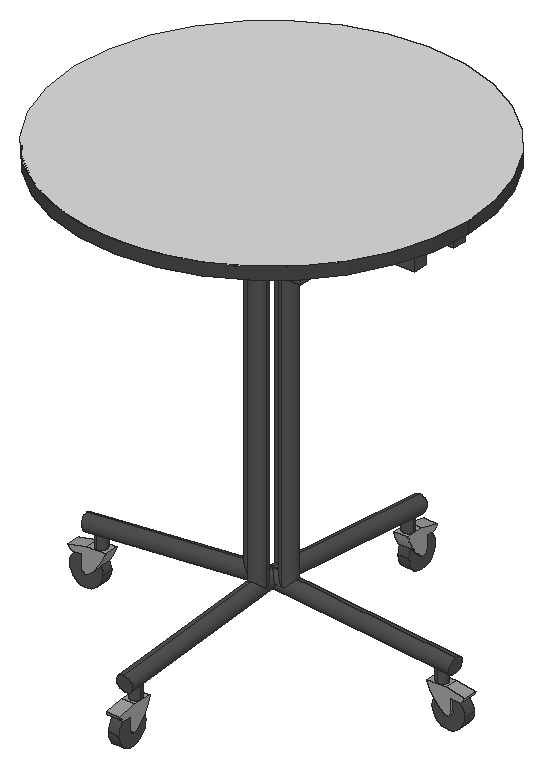
Revit family "Phlip20 36 Dia", category Furniture, Revit 2017
Family settings
  Work Plane-Based = No
  Always vertical = Yes
  Cut with Voids When Loaded = No
  Shared = No
  Room Calculation Point = No
Parameters (values of type "Phlip20 36" X-Base EdgeGuard")
  Top [instance] = Palmer Hamilton Lt Gry
  Stored [instance] = not(Open)  # no
  Open [instance] = yes
  Model = "PHLIP20-4236RD"
  Manufacturer = "Palmer Hamilton"
  Height = 3' - 6"
  Frame [instance] = Palmer Hamilton Black
  Edge Type = Phlip 36 top : Phlip 36 top
  Edge [instance] = Palmer Hamilton - Edge
Types (3): name | Edge Type
  (no name) | Phlip 36 top : Phlip 36 top
  Phlip20 36" X-Base EdgeGuard | Phlip 36 top : Phlip 36 top
  Phlip20 36" X-Base SmartEdge | Phlip 36 top SmartEdge : Phlip 36 top SmartEdge
Reference planes (in)
  plane 1 "Center (Front/Back)": y = 0
  plane 2: z = 0
  plane 3 "Center (Left/Right)": x = 0
  plane 4: z = 42
Forms (in)
  Extrusion 1, solid, material "Palmer Hamilton - Steel"
    sketch origin (0, 0, 0) x (0, 1, 0) y (0, 0, 1)
      loop
        line (-16.42728, 3.45416) -> (-18.13168, 3.09187)
        arc (-18.13168, 3.09187) -> (-17.9132, 2.75011) -> (-17.51731, 2.66169) r 0.532
        line (-17.51731, 2.66169) -> (-16.91553, 2.66169) -> (-16.91553, 1.60335)
        arc (-16.91553, 1.60335) -> (-16.69666, 1.22703) -> (-16.26228, 1.25605) r 0.41284
        arc (-16.26228, 1.25605) -> (-15.30527, 2.22385) -> (-14.72315, 3.45416) r 4.04775
        line (-14.72315, 3.45416) -> (-16.42728, 3.45416)
    from 0.625 to -0.625
  Extrusion 2, solid, material "Palmer Hamilton Black"
    sketch origin (0, 0, 0) x (0, 1, 0) y (0, 0, 1)
      loop
        circle (-16.57816, 1.48894) r 1.5
    from -0.5 to 0.5
  Extrusion 3, solid, material "Palmer Hamilton Black" <- "Frame"
    sketch origin (11.25, -0.87071, 0) x (1, 0, 0) y (0, 1, 0)
      loop
        circle (-11.25, -14.72315) r 0.5
    from 3.35065 to 4.95416
  Extrusion 4, solid, material "Palmer Hamilton - Steel"
    sketch origin (0, 0, 0) x (0, -1, 0) y (0, 0, -1)
      loop
        line (-16.42728, -3.45416) -> (-14.72315, -3.45416)
        arc (-14.72315, -3.45416) -> (-15.30527, -2.22385) -> (-16.26228, -1.25605) r 4.04775
        arc (-16.26228, -1.25605) -> (-16.69666, -1.22703) -> (-16.91553, -1.60335) r 0.41284
        line (-16.91553, -1.60335) -> (-16.91553, -2.66169) -> (-17.51731, -2.66169)
        arc (-17.51731, -2.66169) -> (-17.9132, -2.75011) -> (-18.13168, -3.09187) r 0.532
        line (-18.13168, -3.09187) -> (-16.42728, -3.45416)
    from 0.625 to -0.625
  Extrusion 5, solid, material "Palmer Hamilton Black"
    sketch origin (0, 0, 0) x (0, -1, 0) y (0, 0, -1)
      loop
        circle (-16.57816, -1.48894) r 1.5
    from 0.5 to -0.5
  Extrusion 6, solid, material "Palmer Hamilton Black" <- "Frame"
    sketch origin (11.25, 0.87071, 0) x (1, 0, 0) y (0, 1, 0)
      loop
        circle (-11.25, 14.72315) r 0.5
    from 3.35065 to 4.95416
  Sweep 7, solid, material "Palmer Hamilton Black" <- "Frame"
    path origin (11.25, 0, 0) x (0, 1, 0) y (0, 0, 1)
      loop
        arc (-16.80445, 5.0601) -> (0, 6.53546) -> (16.80445, 5.0601) r 96.43925
    profile origin (11.25, 0, 6.53546) x (0, 0, 1) y (1, 0, 0)
      loop
        circle (0, -11.25) r 0.75
  Extrusion 8, solid, material "Palmer Hamilton Black" <- "Frame"
    sketch origin (11.25, 0, 0) x (1, 0, 0) y (0, 1, 0)
      loop
        circle (-11.25, 1.57) r 0.75
      loop
        circle (-11.25, -1.555) r 0.75
    from 6.53034 to 38.68518
  Extrusion 9, solid, material "Palmer Hamilton - Steel"
    sketch origin (0, 0, 0) x (-1, 0, 0) y (0, 0, 1)
      loop
        line (-16.42728, 3.45416) -> (-18.13168, 3.09187)
        arc (-18.13168, 3.09187) -> (-17.9132, 2.75011) -> (-17.51731, 2.66169) r 0.532
        line (-17.51731, 2.66169) -> (-16.91553, 2.66169) -> (-16.91553, 1.60335)
        arc (-16.91553, 1.60335) -> (-16.69666, 1.22703) -> (-16.26228, 1.25605) r 0.41284
        arc (-16.26228, 1.25605) -> (-15.30527, 2.22385) -> (-14.72315, 3.45416) r 4.04775
        line (-14.72315, 3.45416) -> (-16.42728, 3.45416)
    from 0.625 to -0.625
  Extrusion 10, solid, material "Palmer Hamilton Black"
    sketch origin (0, 0, 0) x (-1, 0, 0) y (0, 0, 1)
      loop
        circle (-16.57816, 1.48894) r 1.5
    from -0.5 to 0.5
  Extrusion 11, solid, material "Palmer Hamilton Black" <- "Frame"
    sketch origin (0.87071, 11.25, 0) x (0, 1, 0) y (-1, 0, 0)
      loop
        circle (-11.25, -14.72315) r 0.5
    from 3.35065 to 4.95416
  Extrusion 12, solid, material "Palmer Hamilton - Steel"
    sketch origin (0, 0, 0) x (1, 0, 0) y (0, 0, -1)
      loop
        line (-16.42728, -3.45416) -> (-14.72315, -3.45416)
        arc (-14.72315, -3.45416) -> (-15.30527, -2.22385) -> (-16.26228, -1.25605) r 4.04775
        arc (-16.26228, -1.25605) -> (-16.69666, -1.22703) -> (-16.91553, -1.60335) r 0.41284
        line (-16.91553, -1.60335) -> (-16.91553, -2.66169) -> (-17.51731, -2.66169)
        arc (-17.51731, -2.66169) -> (-17.9132, -2.75011) -> (-18.13168, -3.09187) r 0.532
        line (-18.13168, -3.09187) -> (-16.42728, -3.45416)
    from 0.625 to -0.625
  Extrusion 13, solid, material "Palmer Hamilton Black"
    sketch origin (0, 0, 0) x (1, 0, 0) y (0, 0, -1)
      loop
        circle (-16.57816, -1.48894) r 1.5
    from 0.5 to -0.5
  Extrusion 14, solid, material "Palmer Hamilton Black" <- "Frame"
    sketch origin (-0.87071, 11.25, 0) x (0, 1, 0) y (-1, 0, 0)
      loop
        circle (-11.25, 14.72315) r 0.5
    from 3.35065 to 4.95416
  Sweep 15, solid, material "Palmer Hamilton Black" <- "Frame"
    path origin (0, 11.25, 0) x (-1, 0, 0) y (0, 0, 1)
      loop
        arc (-16.80445, 5.0601) -> (0, 6.53546) -> (16.80445, 5.0601) r 96.43925
    profile origin (0, 11.25, 6.53546) x (0, 0, 1) y (0, 1, 0)
      loop
        circle (0, -11.25) r 0.75
  Extrusion 16, solid, material "Palmer Hamilton Black" <- "Frame"
    sketch origin (0, 11.25, 0) x (0, 1, 0) y (-1, 0, 0)
      loop
        circle (-11.25, 1.57) r 0.75
      loop
        circle (-11.25, -1.555) r 0.75
    from 6.53034 to 38.68518
Dimensions and locks (in)
  "Height": plane 4 to level
  locked: plane 4 to Extrusion 8 at 3.31482
  Extrusion 8 to level = 0' - 6.53034"
  aligned and locked: plane 2 to level
  aligned and locked: Extrusion 8 to Extrusion 16
Automatic sketch dimensions
  level to Extrusion 1 sketch curve = 0' - 4.54554"
  plane 1 "Center (Front/Back)" to Extrusion 1 sketch curve = 1' - 6.62099"
  level to Extrusion 1 sketch curve = 0' - 3.09187"
  Extrusion 1 sketch curve to Extrusion 1 sketch curve = 0' - 0.48931"
  Extrusion 1 sketch curve to Extrusion 1 sketch curve = 0' - 0.52362"
  Extrusion 1 sketch curve to Extrusion 1 sketch curve = 0' - 0.09074"
  Extrusion 1 sketch curve to Extrusion 1 sketch curve = 0' - 0.60179"
  Extrusion 1 sketch curve to Extrusion 1 sketch curve = 0' - 0.41267"
  level to Extrusion 1 sketch curve = 0' - 3.45416"
  Extrusion 1 sketch curve to Extrusion 1 sketch curve = 0' - 0.48825"
  Extrusion 1 sketch curve to Extrusion 1 sketch curve = 0' - 1.70412"
  Extrusion 1 sketch curve to Extrusion 1 sketch curve = 0' - 0.79246"
  Extrusion 1 sketch curve to Extrusion 1 sketch curve = 0' - 1.05834"
  Extrusion 1 sketch curve to Extrusion 1 sketch curve = 0' - 0.0118"
  level to Extrusion 2 sketch curve = 0' - 1.48894"
  plane 1 "Center (Front/Back)" to Extrusion 2 sketch curve = 1' - 4.57816"
  Extrusion 3 sketch curve to plane 3 "Center (Left/Right)" = 0' - 0"
  plane 1 "Center (Front/Back)" to Extrusion 3 sketch curve = 1' - 3.59386"
  Extrusion 4 sketch curve to level = 0' - 4.54554"
  plane 1 "Center (Front/Back)" to Extrusion 4 sketch curve = 1' - 6.62099"
  Extrusion 4 sketch curve to level = 0' - 3.09187"
  Extrusion 4 sketch curve to Extrusion 4 sketch curve = 0' - 0.48931"
  Extrusion 4 sketch curve to Extrusion 4 sketch curve = 0' - 0.52362"
  Extrusion 4 sketch curve to Extrusion 4 sketch curve = 0' - 0.09074"
  Extrusion 4 sketch curve to Extrusion 4 sketch curve = 0' - 0.60179"
  Extrusion 4 sketch curve to Extrusion 4 sketch curve = 0' - 0.41267"
  Extrusion 4 sketch curve to level = 0' - 3.45416"
  Extrusion 4 sketch curve to Extrusion 4 sketch curve = 0' - 0.48825"
  Extrusion 4 sketch curve to Extrusion 4 sketch curve = 0' - 1.70412"
  Extrusion 4 sketch curve to Extrusion 4 sketch curve = 0' - 0.79246"
  Extrusion 4 sketch curve to Extrusion 4 sketch curve = 0' - 1.05834"
  Extrusion 4 sketch curve to Extrusion 4 sketch curve = 0' - 0.0118"
  Extrusion 5 sketch curve to level = 0' - 1.48894"
  plane 1 "Center (Front/Back)" to Extrusion 5 sketch curve = 1' - 4.57816"
  plane 3 "Center (Left/Right)" to Extrusion 6 sketch curve = 0' - 0"
  plane 1 "Center (Front/Back)" to Extrusion 6 sketch curve = 1' - 3.59386"
  Sweep 7 sketch curve to plane 1 "Center (Front/Back)" = 0' - 0"
  Sweep 7 sketch curve to level = 7' - 5.90378"
  level to Sweep 7 sketch curve = 0' - 5.0601"  (x2)
  plane 1 "Center (Front/Back)" to Sweep 7 sketch curve = 1' - 4.80445"
  Sweep 7 sketch curve to profile plane = 0' - 0"
  Sweep 7 sketch curve to plane 3 "Center (Left/Right)" = 0' - 0"
  plane 1 "Center (Front/Back)" to Extrusion 8 sketch curve = 0' - 1.555"
  Extrusion 8 sketch curve to plane 3 "Center (Left/Right)" = 0' - 0"
  Extrusion 8 sketch curve to Extrusion 8 sketch curve = 0' - 0"
  Extrusion 8 sketch curve to plane 1 "Center (Front/Back)" = 0' - 1.57"
  level to Extrusion 9 sketch curve = 0' - 4.54554"
  plane 3 "Center (Left/Right)" to Extrusion 9 sketch curve = 1' - 6.62099"
  level to Extrusion 9 sketch curve = 0' - 3.09187"
  Extrusion 9 sketch curve to Extrusion 9 sketch curve = 0' - 0.48931"
  Extrusion 9 sketch curve to Extrusion 9 sketch curve = 0' - 0.52362"
  Extrusion 9 sketch curve to Extrusion 9 sketch curve = 0' - 0.09074"
  Extrusion 9 sketch curve to Extrusion 9 sketch curve = 0' - 0.60179"
  Extrusion 9 sketch curve to Extrusion 9 sketch curve = 0' - 0.41267"
  level to Extrusion 9 sketch curve = 0' - 3.45416"
  Extrusion 9 sketch curve to Extrusion 9 sketch curve = 0' - 0.48825"
  Extrusion 9 sketch curve to Extrusion 9 sketch curve = 0' - 1.70412"
  Extrusion 9 sketch curve to Extrusion 9 sketch curve = 0' - 0.79246"
  Extrusion 9 sketch curve to Extrusion 9 sketch curve = 0' - 1.05834"
  Extrusion 9 sketch curve to Extrusion 9 sketch curve = 0' - 0.0118"
  level to Extrusion 10 sketch curve = 0' - 1.48894"
  plane 3 "Center (Left/Right)" to Extrusion 10 sketch curve = 1' - 4.57816"
  plane 1 "Center (Front/Back)" to Extrusion 11 sketch curve = 0' - 0"
  plane 3 "Center (Left/Right)" to Extrusion 11 sketch curve = 1' - 3.59386"
  level to Extrusion 12 sketch curve = 0' - 4.54554"
  Extrusion 12 sketch curve to plane 3 "Center (Left/Right)" = 1' - 6.62099"
  level to Extrusion 12 sketch curve = 0' - 3.09187"
  Extrusion 12 sketch curve to Extrusion 12 sketch curve = 0' - 0.48931"
  Extrusion 12 sketch curve to Extrusion 12 sketch curve = 0' - 0.52362"
  Extrusion 12 sketch curve to Extrusion 12 sketch curve = 0' - 0.09074"
  Extrusion 12 sketch curve to Extrusion 12 sketch curve = 0' - 0.60179"
  Extrusion 12 sketch curve to Extrusion 12 sketch curve = 0' - 0.41267"
  level to Extrusion 12 sketch curve = 0' - 3.45416"
  Extrusion 12 sketch curve to Extrusion 12 sketch curve = 0' - 0.48825"
  Extrusion 12 sketch curve to Extrusion 12 sketch curve = 0' - 1.70412"
  Extrusion 12 sketch curve to Extrusion 12 sketch curve = 0' - 0.09402"
  Extrusion 12 sketch curve to Extrusion 12 sketch curve = 0' - 1.05834"
  Extrusion 12 sketch curve to Extrusion 12 sketch curve = 0' - 0.0118"
  level to Extrusion 13 sketch curve = 0' - 1.48894"
  Extrusion 13 sketch curve to plane 3 "Center (Left/Right)" = 1' - 4.57816"
  plane 1 "Center (Front/Back)" to Extrusion 14 sketch curve = 0' - 0"
  Extrusion 14 sketch curve to plane 3 "Center (Left/Right)" = 1' - 3.59386"
  Sweep 15 sketch curve to plane 3 "Center (Left/Right)" = 0' - 0"
  Sweep 15 sketch curve to level = 7' - 5.90378"
  level to Sweep 15 sketch curve = 0' - 5.0601"  (x2)
  plane 3 "Center (Left/Right)" to Sweep 15 sketch curve = 1' - 4.80445"
  profile plane to Sweep 15 sketch curve = 0' - 0"
  Sweep 15 sketch curve to profile plane = 0' - 11 1/4"
  plane 1 "Center (Front/Back)" to Extrusion 16 sketch curve = 0' - 0"  (x2)
  plane 3 "Center (Left/Right)" to Extrusion 16 sketch curve = 0' - 1.555"
  Extrusion 16 sketch curve to plane 3 "Center (Left/Right)" = 0' - 1.57"
  radius of Extrusion 2 sketch curve = 0' - 1 1/2"
  radius of Extrusion 3 sketch curve = 0' - 0 1/2"
  radius of Extrusion 5 sketch curve = 0' - 1 1/2"
  radius of Extrusion 6 sketch curve = 0' - 0 1/2"
  radius of Sweep 7 sketch curve = 0' - 0 3/4"
  radius of Extrusion 8 sketch curve = 0' - 0 3/4"  (x2)
  radius of Extrusion 10 sketch curve = 0' - 1 1/2"
  radius of Extrusion 11 sketch curve = 0' - 0 1/2"
  radius of Extrusion 13 sketch curve = 0' - 1 1/2"
  radius of Extrusion 14 sketch curve = 0' - 0 1/2"
  radius of Sweep 15 sketch curve = 0' - 0 3/4"
  radius of Extrusion 16 sketch curve = 0' - 0 3/4"  (x2)
Nested families (in)
  nested 1: "Phlip 36 top" at (0, 0, 0), type <- "Edge Type", Open <- "Open", Edge <- "Edge", Frame <- "Frame", Top <- "Top", type "Phlip 36 top"
    with Top Palmer Hamilton Lt Gry, Open yes, Mfg Diameter 2' - 10", Frame Palmer Hamilton Black, Edge Palmer Hamilton - Edge, Diameter 3' - 0", Closed no, Accessory Palmer Hamilton Black
Definition of nested family "Phlip 36 top"
  Parameters (values of type "Phlip 36 top")
    Top [instance] = none
    Open [instance] = yes
    Mfg Diameter [instance] = 2' - 10"
    Frame [instance] = none
    Edge [instance] = none
    Diameter [instance] = 3' - 0"
    Closed [instance] = not(Open)  # no
    Accessory [instance] = none
  Reference planes (in)
    plane 1 "Center (Front/Back)": y = 0
    plane 2: z = 0
    plane 3 "Center (Left/Right)": x = 0
    plane 4: z = 40.875
    plane 5: z = 42
  Forms (in)
    Extrusion 1, solid, visible <- "Open"
      sketch origin (0, 0, 0) x (1, 0, 0) y (0, 1, 0)
        loop
          circle (0, 0) r 18
      from 40.875 to 42
    Extrusion 2, solid, material <- "Frame", visible <- "Open"
      sketch origin (0, 0, 0) x (1, 0, 0) y (0, 1, 0)
        loop
          line (-11.88, 11.555) -> (-11.88, -11.555) -> (-10.63, -11.555) -> (-0.625, -14.70157) -> (0.62501, -14.70157) -> (10.63, -11.55469) -> (11.88, -11.55469) -> (11.88, 11.55469) -> (10.63, 11.55469) -> (0.62501, 14.70157) -> (-0.625, 14.70157) -> (-10.63, 11.555) -> (-11.88, 11.555)
        loop
          line (-10.63, 8.21942) -> (-10.63, -8.21942) -> (-0.625, -11.36599) -> (-0.625, 11.36599) -> (-10.63, 8.21942)
        loop
          line (0.625, 11.36631) -> (0.625, -11.36631) -> (10.63, -8.21942) -> (10.63, 8.21942) -> (0.625, 11.36631)
      from 39.625 to 40.875
    Extrusion 3, solid, material <- "Frame"
      sketch origin (0, 0, 0) x (1, 0, 0) y (0, 1, 0)
        loop
          line (15.375, 2.8125) -> (-15.375, 2.8125) -> (-15.375, 1.5625) -> (15.375, 1.5625) -> (15.375, 2.8125)
        loop
          line (15.375, -2.8125) -> (15.375, -1.5625) -> (-15.375, -1.5625) -> (-15.375, -2.8125) -> (15.375, -2.8125)
      from 38.125 to 39.625
    Extrusion 4, solid, material <- "Frame"
      sketch origin (0, 0, 0) x (1, 0, 0) y (0, 1, 0)
        loop
          line (-3.125, 2.8125) -> (-3.125, -2.8125) -> (3.125, -2.8125) -> (3.125, 2.8125) -> (-3.125, 2.8125)
      from 38 to 38.125
    Extrusion 5, solid, material <- "Frame"
      sketch origin (0, 0, 0) x (1, 0, 0) y (0, 1, 0)
        loop
          line (-15.375, 2.8125) -> (-15.375, -2.8125) -> (-14.125, -2.8125) -> (-14.125, 2.8125) -> (-15.375, 2.8125)
        loop
          line (15.375, 2.8125) -> (14.125, 2.8125) -> (14.125, -2.8125) -> (15.375, -2.8125) -> (15.375, 2.8125)
      from 39.625 to 40.875
    Extrusion 6, solid, material <- "Frame"
      sketch origin (0, 0, 12) x (0, 1, 0) y (0, 0, 1)
        loop
          line (2.8125, 27.625) -> (2.8125, 28.375)
          arc (2.8125, 28.375) -> (2.66605, 28.72855) -> (2.3125, 28.875) r 0.5
          line (2.3125, 28.875) -> (-3.4375, 28.875)
          arc (-3.4375, 28.875) -> (-3.87944, 28.69194) -> (-4.0625, 28.25) r 0.625
          arc (-4.0625, 28.25) -> (-3.87944, 27.80806) -> (-3.4375, 27.625) r 0.625
          line (-3.4375, 27.625) -> (2.8125, 27.625)
      from -12.1185 to -11.88
    Extrusion 7, solid, material <- "Frame"
      sketch origin (0, 0, 12) x (0, 1, 0) y (0, 0, 1)
        loop
          line (2.8125, 27.625) -> (2.8125, 28.375)
          arc (2.8125, 28.375) -> (2.66605, 28.72855) -> (2.3125, 28.875) r 0.5
          line (2.3125, 28.875) -> (-3.4375, 28.875)
          arc (-3.4375, 28.875) -> (-3.87944, 28.69194) -> (-4.0625, 28.25) r 0.625
          arc (-4.0625, 28.25) -> (-3.87944, 27.80806) -> (-3.4375, 27.625) r 0.625
          line (-3.4375, 27.625) -> (2.8125, 27.625)
      from -10.63 to -10.40436
    Extrusion 8, solid, material <- "Frame"
      sketch origin (0, 0, 12) x (0, 1, 0) y (0, 0, -1)
        loop
          line (2.8125, -27.625) -> (-3.4375, -27.625)
          arc (-3.4375, -27.625) -> (-3.87944, -27.80806) -> (-4.0625, -28.25) r 0.625
          arc (-4.0625, -28.25) -> (-3.87944, -28.69194) -> (-3.4375, -28.875) r 0.625
          line (-3.4375, -28.875) -> (2.3125, -28.875)
          arc (2.3125, -28.875) -> (2.66605, -28.72855) -> (2.8125, -28.375) r 0.5
          line (2.8125, -28.375) -> (2.8125, -27.625)
      from -12.1185 to -11.88
    Extrusion 9, solid, material <- "Frame"
      sketch origin (0, 0, 12) x (0, 1, 0) y (0, 0, -1)
        loop
          line (2.8125, -27.625) -> (-3.4375, -27.625)
          arc (-3.4375, -27.625) -> (-3.87944, -27.80806) -> (-4.0625, -28.25) r 0.625
          arc (-4.0625, -28.25) -> (-3.87944, -28.69194) -> (-3.4375, -28.875) r 0.625
          line (-3.4375, -28.875) -> (2.3125, -28.875)
          arc (2.3125, -28.875) -> (2.66605, -28.72855) -> (2.8125, -28.375) r 0.5
          line (2.8125, -28.375) -> (2.8125, -27.625)
      from -10.63 to -10.40436
    Extrusion 10, solid, material <- "Frame", visible <- "Open"
      sketch origin (0, 0, 12) x (1, 0, 0) y (0, 0, 1)
        loop
          circle (-11.255, 28.25) r 0.375
      from -12.60205 to -11.555
    Extrusion 11, solid, material <- "Frame", visible <- "Open"
      sketch origin (0, 0, 12) x (0, 1, 0) y (0, 0, 1)
        loop
          circle (12.60205, 28.25) r 0.375
      from -12.005 to -10.505
    Extrusion 12, solid, material <- "Frame", visible <- "Open"
      sketch origin (0, 0, 12) x (-1, 0, 0) y (0, 0, -1)
        loop
          circle (-11.255, -28.25) r 0.375
      from -12.60205 to -11.555
    Extrusion 13, solid, material <- "Frame", visible <- "Open"
      sketch origin (0, 0, 12) x (0, 1, 0) y (0, 0, -1)
        loop
          circle (12.60205, -28.25) r 0.375
      from -12.005 to -10.505
    Extrusion 14, solid, material <- "Frame", visible <- "Closed"
      sketch origin (0, 24.85791, 43.64672) x (0, -1, 0) y (1, 0, 0)
        loop
          circle (28.25, -11.255) r 0.375
      from 11.555 to 12.59845
    Extrusion 15, solid, material <- "Frame", visible <- "Closed"
      sketch origin (0, 24.85791, 43.64672) x (0, 0, 1) y (0, -1, 0)
        loop
          circle (12.60205, 28.25) r 0.375
      from -12.005 to -10.505
    Extrusion 16, solid, material <- "Frame", visible <- "Closed"
      sketch origin (0, 24.85791, 43.64672) x (0, 1, 0) y (-1, 0, 0)
        loop
          circle (-28.25, -11.255) r 0.375
      from 11.555 to 12.59845
    Extrusion 17, solid, material <- "Frame", visible <- "Closed"
      sketch origin (0, 24.85791, 43.64672) x (0, 0, 1) y (0, 1, 0)
        loop
          circle (12.60205, -28.25) r 0.375
      from -12.005 to -10.505
    Extrusion 18, solid, material <- "Frame", visible <- "Closed"
      sketch origin (0, 36.85791, 43.64672) x (1, 0, 0) y (0, 0, 1)
        loop
          line (-11.88, 11.555) -> (-11.88, -11.555) -> (-10.63, -11.555) -> (-0.625, -14.70157) -> (0.62501, -14.70157) -> (10.63, -11.55469) -> (11.88, -11.55469) -> (11.88, 11.55469) -> (10.63, 11.55469) -> (0.62501, 14.70157) -> (-0.625, 14.70157) -> (-10.63, 11.555) -> (-11.88, 11.555)
        loop
          line (-10.63, 8.21942) -> (-10.63, -8.21942) -> (-0.625, -11.36599) -> (-0.625, 11.36599) -> (-10.63, 8.21942)
        loop
          line (0.625, 11.36631) -> (0.625, -11.36631) -> (10.63, -8.21942) -> (10.63, 8.21942) -> (0.625, 11.36631)
      from 39.625 to 40.875
    Extrusion 19, solid, visible <- "Closed"
      sketch origin (0, 36.85954, 43.6274) x (1, 0, 0) y (0, 0.00048, 1)
        loop
          circle (0, 0) r 18
      from 40.875 to 42
  Cuts and joins
    joined: Extrusion 10, Extrusion 11
  Dimensions and locks (in)
    locked: plane 5 to plane 4 at 1.125
    plane 5 to level = 3' - 6"
    "Diameter": diameter of Extrusion 1 sketch curve
    "Diameter": diameter of Extrusion 19 sketch curve
    aligned and locked: plane 2 to level
    aligned and locked: plane 5 to Extrusion 1
    aligned and locked: Extrusion 1 to plane 4
  Automatic sketch dimensions
    Extrusion 2 sketch curve to plane 3 "Center (Left/Right)" = 0' - 11.88"
    Extrusion 2 sketch curve to Extrusion 2 sketch curve = 0' - 1 1/4"  (x3)
    Extrusion 2 sketch curve to Extrusion 2 sketch curve = 0' - 0"  (x3)
    Extrusion 2 sketch curve to plane 3 "Center (Left/Right)" = 0' - 0 5/8"  (x3)
    plane 3 "Center (Left/Right)" to Extrusion 2 sketch curve = 0' - 0 5/8"  (x3)
    Extrusion 2 sketch curve to Extrusion 2 sketch curve = 0' - 10.005"
    plane 1 "Center (Front/Back)" to Extrusion 2 sketch curve = 1' - 2.70157"
    Extrusion 2 sketch curve to Extrusion 2 sketch curve = 0' - 3.14657"  (x2)
    plane 1 "Center (Front/Back)" to Extrusion 2 sketch curve = 0' - 11 71/128"
    Extrusion 2 sketch curve to Extrusion 2 sketch curve = 0' - 3.33526"  (x2)
    Extrusion 2 sketch curve to Extrusion 2 sketch curve = 0' - 0.00032"  (x2)
    Extrusion 2 sketch curve to Extrusion 2 sketch curve = 0' - 3.33527"  (x2)
    Extrusion 2 sketch curve to Extrusion 2 sketch curve = 0' - 3.33558"  (x2)
    Extrusion 2 sketch curve to plane 1 "Center (Front/Back)" = 0' - 8.21942"  (x2)
    plane 1 "Center (Front/Back)" to Extrusion 3 sketch curve = 0' - 1 9/16"
    Extrusion 3 sketch curve to plane 3 "Center (Left/Right)" = 1' - 3 3/8"
    Extrusion 3 sketch curve to Extrusion 3 sketch curve = 0' - 0"  (x2)
    Extrusion 3 sketch curve to plane 1 "Center (Front/Back)" = 0' - 2 13/16"
    plane 3 "Center (Left/Right)" to Extrusion 3 sketch curve = 1' - 3 3/8"
    Extrusion 3 sketch curve to Extrusion 3 sketch curve = 0' - 1 1/4"  (x2)
    Extrusion 4 sketch curve to plane 3 "Center (Left/Right)" = 0' - 3 1/8"
    plane 3 "Center (Left/Right)" to Extrusion 4 sketch curve = 0' - 3 1/8"
    plane 1 "Center (Front/Back)" to Extrusion 4 sketch curve = 0' - 2 13/16"
    Extrusion 4 sketch curve to plane 1 "Center (Front/Back)" = 0' - 2 13/16"
    plane 1 "Center (Front/Back)" to Extrusion 5 sketch curve = 0' - 2 13/16"  (x2)
    Extrusion 5 sketch curve to plane 3 "Center (Left/Right)" = 1' - 3 3/8"
    Extrusion 5 sketch curve to Extrusion 5 sketch curve = 0' - 1 1/4"  (x2)
    plane 3 "Center (Left/Right)" to Extrusion 5 sketch curve = 1' - 2 1/8"
    Extrusion 5 sketch curve to plane 1 "Center (Front/Back)" = 0' - 2 13/16"  (x2)
    Extrusion 6 sketch curve to Extrusion 6 sketch curve = 0' - 0"  (x2)
    Extrusion 6 sketch curve to plane 4 = 0' - 0"
    plane 1 "Center (Front/Back)" to Extrusion 6 sketch curve = 0' - 3 7/16"
    Extrusion 6 sketch curve to plane 4 = 0' - 0 1/2"
    Extrusion 6 sketch curve to plane 1 "Center (Front/Back)" = 0' - 2 5/16"
    Extrusion 6 sketch curve to Extrusion 6 sketch curve = 0' - 0 5/8"
    Extrusion 6 sketch curve to Extrusion 6 sketch curve = 0' - 0 3/4"
    Extrusion 7 sketch curve to Extrusion 7 sketch curve = 0' - 0"  (x2)
    Extrusion 7 sketch curve to plane 4 = 0' - 0"
    plane 1 "Center (Front/Back)" to Extrusion 7 sketch curve = 0' - 3 7/16"
    Extrusion 7 sketch curve to plane 4 = 0' - 0 1/2"
    Extrusion 7 sketch curve to plane 1 "Center (Front/Back)" = 0' - 2 5/16"
    Extrusion 7 sketch curve to Extrusion 7 sketch curve = 0' - 0 5/8"
    Extrusion 7 sketch curve to Extrusion 7 sketch curve = 0' - 0 3/4"
    Extrusion 8 sketch curve to Extrusion 8 sketch curve = 0' - 0"  (x2)
    Extrusion 8 sketch curve to plane 4 = 0' - 0"
    plane 1 "Center (Front/Back)" to Extrusion 8 sketch curve = 0' - 3 7/16"
    Extrusion 8 sketch curve to plane 4 = 0' - 0 1/2"
    Extrusion 8 sketch curve to plane 1 "Center (Front/Back)" = 0' - 2 5/16"
    Extrusion 8 sketch curve to Extrusion 8 sketch curve = 0' - 0 5/8"
    Extrusion 8 sketch curve to Extrusion 8 sketch curve = 0' - 0 3/4"
    Extrusion 9 sketch curve to Extrusion 9 sketch curve = 0' - 0"  (x2)
    Extrusion 9 sketch curve to plane 4 = 0' - 0"
    plane 1 "Center (Front/Back)" to Extrusion 9 sketch curve = 0' - 3 7/16"
    Extrusion 9 sketch curve to plane 4 = 0' - 0 1/2"
    Extrusion 9 sketch curve to plane 1 "Center (Front/Back)" = 0' - 2 5/16"
    Extrusion 9 sketch curve to Extrusion 9 sketch curve = 0' - 0 5/8"
    Extrusion 9 sketch curve to Extrusion 9 sketch curve = 0' - 0 3/4"
    Extrusion 10 sketch curve to plane 4 = 0' - 0 5/8"
    Extrusion 10 sketch curve to plane 3 "Center (Left/Right)" = 0' - 11.255"
    Extrusion 11 sketch curve to plane 4 = 0' - 0 5/8"
    Extrusion 11 sketch curve to plane 1 "Center (Front/Back)" = 1' - 0.60205"
    plane 4 to Extrusion 12 sketch curve = 0' - 0 5/8"
    Extrusion 12 sketch curve to plane 3 "Center (Left/Right)" = 0' - 11.255"
    Extrusion 13 sketch curve to plane 4 = 0' - 0 5/8"
    Extrusion 13 sketch curve to plane 1 "Center (Front/Back)" = 1' - 0.60205"
    plane 1 "Center (Front/Back)" to Extrusion 14 sketch curve = 0' - 3.39209"
    Extrusion 14 sketch curve to plane 3 "Center (Left/Right)" = 0' - 11.255"
    plane 1 "Center (Front/Back)" to Extrusion 15 sketch curve = 0' - 3.39209"
    plane 5 to Extrusion 15 sketch curve = 1' - 2.24877"
    plane 1 "Center (Front/Back)" to Extrusion 16 sketch curve = 0' - 3.39209"
    plane 3 "Center (Left/Right)" to Extrusion 16 sketch curve = 0' - 11.255"
    plane 1 "Center (Front/Back)" to Extrusion 17 sketch curve = 0' - 3.39209"
    plane 5 to Extrusion 17 sketch curve = 1' - 2.24877"
    Extrusion 18 sketch curve to plane 3 "Center (Left/Right)" = 0' - 11.88"
    Extrusion 18 sketch curve to Extrusion 18 sketch curve = 0' - 1 1/4"  (x3)
    Extrusion 18 sketch curve to Extrusion 18 sketch curve = 0' - 0"  (x3)
    Extrusion 18 sketch curve to plane 3 "Center (Left/Right)" = 0' - 0 5/8"  (x3)
    plane 3 "Center (Left/Right)" to Extrusion 18 sketch curve = 0' - 0 5/8"  (x3)
    Extrusion 18 sketch curve to Extrusion 18 sketch curve = 0' - 10.005"
    Extrusion 18 sketch curve to plane 4 = 0' - 11.92985"
    Extrusion 18 sketch curve to plane 4 = 0' - 8.78328"
    Extrusion 18 sketch curve to plane 4 = 0' - 8.78297"
    Extrusion 18 sketch curve to Extrusion 18 sketch curve = 0' - 3.33526"  (x2)
    Extrusion 18 sketch curve to Extrusion 18 sketch curve = 0' - 0.00032"  (x2)
    Extrusion 18 sketch curve to Extrusion 18 sketch curve = 0' - 3.33527"  (x2)
    Extrusion 18 sketch curve to Extrusion 18 sketch curve = 0' - 3.33558"  (x2)
    plane 5 to Extrusion 18 sketch curve = 0' - 9.86614"  (x2)
    Extrusion 18 sketch curve to Extrusion 18 sketch curve = 0' - 3.14657"
    plane 1 "Center (Front/Back)" to Extrusion 1 sketch curve = 0' - 0"
    Extrusion 1 sketch curve to plane 3 "Center (Left/Right)" = 0' - 0"
    Extrusion 19 sketch curve to plane 3 "Center (Left/Right)" = 0' - 0"
    radius of Extrusion 10 sketch curve = 0' - 0 3/8"
    radius of Extrusion 11 sketch curve = 0' - 0 3/8"
    radius of Extrusion 12 sketch curve = 0' - 0 3/8"
    radius of Extrusion 13 sketch curve = 0' - 0 3/8"
    radius of Extrusion 14 sketch curve = 0' - 0 3/8"
    radius of Extrusion 15 sketch curve = 0' - 0 3/8"
    radius of Extrusion 16 sketch curve = 0' - 0 3/8"
    radius of Extrusion 17 sketch curve = 0' - 0 3/8"
